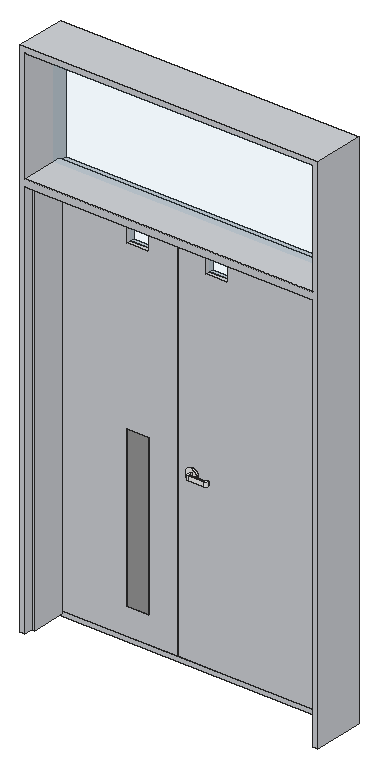
Revit family "Dor_親子開き戸（幕板付）", category ドア, Revit 2020
Family settings
  ホスト = 壁
  常に垂直 = はい
  ロード時にボイドで切り取り = はい
  共有 = いいえ
  部屋計算ポイント = いいえ
Parameters (values of type "親子開き戸（幕板付）")
  開口逃げ位置表示 [instance] = no
  金物_施錠方式(外) = ""
  金物_施錠方式(内) = ""
  金物_支持金物 = ""
  金物_操作金物 = ""
  金物_戸当り = ""
  金物_固定金物 = ""
  金物_フランス落し = ""
  金物_クローザー = ""
  逃げ_左 = 60 mm
  逃げ_右 = 60 mm
  解析用性能 = "<なし>"
  符号_建具記号 = ""
  符号_建具番号 = ""
  無目見付 = 40 mm
  法_随時閉鎖 = yes
  法_防火性能 = ""
  法_遮煙 = yes
  法_常時閉鎖 = yes
  沓摺表示 [instance] = yes
  文字_ガラス厚 = ""
  幕板高さ = 600 mm
  幕板_パネル = no
  幕板_ガラス = not(幕板_パネル)  # yes
  建枠下延長 [instance] = 10 mm
  沓摺見込_Kc_Kd [instance] = 150 mm
  ラベル_遮煙 = if(法_遮煙, "S", " ")  # "S"
  ラベル_法囲み = if(法_常時閉鎖, "□", if(法_随時閉鎖, "〇", " "))  # "□"
  ドア高さ = 2100 mm
  ドアパネルタイプ2 = DP_小窓+スリットガラリ : 小窓+スリットガラリ
  ドアパネルタイプ1 = DP_小窓 : 小窓
  スリット/小窓位置：戸先 [instance] = yes
  ガラス厚 = 6 mm
  オフセット_外側 [instance] = 50 mm
  hideFill_offset [instance] = オフセット_内側 + 2 mm + LOCK  # 52 mm
  calc_逃げ位置 [instance] = if(bWallThicknessOffset, calc_壁芯ずれ, 0 mm)  # 0 mm
  calc_無目D [instance] = if(幕板_ガラス, パネル厚, 0 mm)  # 45 mm
  calc_沓摺幅 = 幅 + 戸当見付 * 2  # 1530 mm
  沓摺タイプ = Kb_沓摺 : Kb_沓摺
  次による断熱プロパティの定義 = スキーマティック タイプ
  枠見付内_F01 = 30 mm
  calc_枠見込内 [instance] = if(and(枠ちり内 = 0 mm, オフセット_内側 = 0 mm), 1 mm, 0 mm)  # 0 mm
  calc_枠見付内 = if(枠タイプ = 1, 枠見付内_F01, if(枠タイプ = 2, 枠見付 + 戸当見付, if(枠タイプ = 3, 枠見付 + 戸当見付, 枠見付)))  # 40 mm
  文字_額縁材質 = ""
  文字_額縁仕上 = ""
  文字_沓摺材質 = ""
  文字_沓摺仕上 = ""
  文字_枠材質 = ""
  文字_枠仕上 = ""
  文字_建具材質 = ""
  文字_建具仕上 = ""
  文字_取付場所 = ""
  文字_備考 = ""
  文字_パネル厚 = ""
  文字_ガラリ材質 = ""
  文字_ガラリ仕上 = ""
  文字_ガラス材質 = ""
  文字_アンダーカット = ""
  性能_遮音 = ""
  性能_気密 = ""
  形状_沓摺形状 = ""
  形状_枠形状 = ""
  形状_建具形式 = ""
  形状_ガラリ形状 = ""
  仕上げ厚 = 0 mm
  calc_幕板パネル高さ = 幕板高さ + 戸当見付  # 615 mm
  calc_壁芯ずれ [instance] = オフセット_内側 / 2 + オフセット_外側 / 2  # 50 mm
  calc_仕上げ厚 [instance] = if(and(オフセット_内側 = 0 mm, 仕上げ厚 = 0 mm), 11 mm, 仕上げ厚)  # 0 mm
  マテリアル_沓摺 = none
  マテリアル_枠 = none
  マテリアル_パネル = none
  マテリアル_ガラリ = none
  マテリアル_ガラス = ガラス - 透明
  パネル幅2 = (幅 + 戸当見付 * 2) - パネル幅  # 630 mm
  パネル幅1 = 900 mm
  calc_ボイド高さ = if(枠タイプ = 2, H寸法 + 枠見付 + 戸当見付, H寸法 + 枠見付)  # 2780 mm
  calc_パネル中心位置 = パネル厚 / 2 + LOCK  # 22.5 mm
  calc_パネル2_中心 = パネル幅2 / 2 + LOCK  # 315 mm
  calc_パネル1_中心 = パネル幅1 / 2 + LOCK  # 450 mm
  ハンドル表示 [instance] = yes
  Keynote = ""
  オフセット_内側 [instance] = 50 mm
  bWallThicknessOffset = no
  bGlass&F02 = and(枠タイプ = 2, 幕板_ガラス)  # no
  bF01&F03 = not(枠タイプ = 2)  # yes
  W寸法 = 1500 mm
  LOCK = 0 mm  # constant formula
  H寸法 = ドア高さ + 無目見付 + 幕板高さ + 戸当見付  # 2755 mm
  F02_片ひばた2 = 枠タイプ = 2  # no
  Function = (empty or 0)
  Description = ""
  枠タイプ = 3
  Rough Width = 0 mm
  高さ = H寸法 + LOCK  # 2755 mm
  枠見付 = 25 mm
  枠ちり外 = 10 mm
  枠ちり内 = 10 mm
  ハンドル_高さ = 900 mm
  ハンドル_オフセット = 80 mm
  戸当見付 = 15 mm
  Construction Type = ""
  Wall Closure = (empty or 0)
  幅 = W寸法 + LOCK  # 1500 mm
  全高 = 2655 mm
  パネル高 = ドア高さ + 戸当見付 - アンダーカット  # 2110 mm
  パネル幅 = パネル幅1 + LOCK  # 900 mm
  パネル厚 = 45 mm
  アンダーカット = 5 mm
  F01_片ひばた1 = 枠タイプ = 1  # no
  F03_両ひばた = 枠タイプ = 3  # yes
Reference planes
  plane 1: y = 0
  plane 2 "中心(左/右)": x = 0
  plane 3 "EXT.": y = 75
  plane 4 "内壁": y = -75
  plane 5 "左": x = -750
  plane 6 "右": x = 750
  plane 7 "上側": z = 2755
  plane 8: z = 0
  plane 9 "枠ちり外": y = 135
  plane 10 "左扉位置": x = -765
  plane 11 "枠外側左": x = -790
  plane 12 "枠内側左": x = -790
  plane 13 "仕上げ厚": y = -75
  plane 14 "右扉位置": x = 765
  plane 15 "枠外側右": x = 790
  plane 16 "枠内側右": x = 790
  plane 17 "枠見付上": z = 2780
  plane 18 "枠見付内_上": z = 2795
  plane 19: y = 90
  plane 20 "戸当見込": y = -90
  plane 21: x = -780
  plane 22: x = 780
  plane 23: z = 5
  plane 24: y = -125
  plane 25 "枠ちり内": y = -135
  plane 26 "パネル中心": y = 112.5
  plane 27: y = 65
  plane 28: y = -115
  plane 29: x = -795
  plane 30: x = 795
  plane 31: y = 65
  plane 32: y = -115
  plane 33 "枠見込内": y = -75
  plane 34: y = -130
  plane 35: x = -135
  plane 36 "パネル1中心": x = 315
  plane 37 "パネル2中心": x = -450
  plane 38: y = 112.5
  plane 39 "壁芯": y = -50
  plane 40: z = 900
  plane 41: x = -55
  plane 42 "上枠戸当り": z = 2100
  plane 43 "無目下端": z = 2115
  plane 44 "無目上端": z = 2155
  plane 45 "建枠下延長": z = -10
  plane 46 "オフセット外側": y = 125
  plane 47 "ガラス位置": z = 2140
  plane 48 "無目D": y = 90
  plane 49: y = 60
  plane 50 "逃げ位置": y = 0
Forms (mm)
  Extrusion 1, void
    sketch origin (0, 0, 0) x (1, 0, 0) y (0, 1, 0)
      loop
        line (-790, -125) -> (790, -125) -> (790, -75) -> (-790, -75) -> (-790, -125)
    from 0 to 2780 <- "calc_ボイド高さ"
  Extrusion 2, void
    sketch origin (0, 0, 0) x (1, 0, 0) y (0, 1, 0)
      loop
        line (-790, 125) -> (-790, -75) -> (790, -75) -> (790, 125) -> (-790, 125)
    from 0 to 2780
  Sweep 3, solid, material <- "マテリアル_枠", visible <- "F01_片ひばた1"
    path origin (0, 75, 0) x (1, 0, 0) y (0, 0, 1)
      loop
        line (750, -10) -> (750, 2100) -> (-750, 2100) -> (-750, -10)
    profile origin (750, 75, 1045) x (-1, 0, 0) y (0, -1, 0)
      loop
        line (-40, -60) -> (-15, -60) -> (-15, -15) -> (0, -15) -> (0, 210) -> (-30, 210) -> (-30, 150) -> (-40, 150) -> (-40, -60)
  Sweep 4, solid, material <- "マテリアル_枠", visible <- "F02_片ひばた2"
    path origin (0, 75, 0) x (1, 0, 0) y (0, 0, 1)
      loop
        line (750, -10) -> (750, 2100) -> (-750, 2100) -> (-750, -10)
    profile origin (750, 75, 1045) x (-1, 0, 0) y (0, -1, 0)
      loop
        line (-40, -60) -> (-15, -60) -> (-15, -15) -> (0, -15) -> (0, 210) -> (-40, 210) -> (-40, -60)
  Sweep 5, solid, material <- "マテリアル_枠", visible <- "F03_両ひばた"
    path origin (0, 75, 0) x (1, 0, 0) y (0, 0, 1)
      loop
        line (750, -10) -> (750, 2100) -> (-750, 2100) -> (-750, -10)
    profile origin (750, 75, 1045) x (-1, 0, 0) y (0, -1, 0)
      loop
        line (-40, -60) -> (-15, -60) -> (-15, -15) -> (0, -15) -> (0, 165) -> (-15, 165) -> (-15, 210) -> (-40, 210) -> (-40, -60)
  Extrusion 6, solid, material <- "マテリアル_枠", visible <- "F03_両ひばた"
    sketch origin (0, 0, 0) x (0, 1, 0) y (0, 0, 1)
      loop
        line (90, 2140) -> (90, 2155) -> (-135, 2155) -> (-135, 2140) -> (90, 2140)
    from -765 to 765
  Extrusion 7, solid, material "ガラス - 透明" <- "マテリアル_ガラス", visible <- "幕板_ガラス"
    sketch origin (0, 0, 0) x (1, 0, 0) y (0, 1, 0)
      loop
        line (-765, 50) -> (765, 50) -> (765, 60) -> (-765, 60) -> (-765, 50)
    from 2140 to 2755
  Extrusion 8, solid, material <- "マテリアル_枠", visible <- "F03_両ひばた"
    sketch origin (0, 95, -20) x (-1, 0, 0) y (0, 0, 1)
      loop
        line (-790, 2160) -> (-765, 2160) -> (-765, 2775) -> (765, 2775) -> (765, 2160) -> (790, 2160) -> (790, 2800) -> (-790, 2800) -> (-790, 2160)
    from 40 to -230
  Extrusion 9, solid, material <- "マテリアル_パネル", visible <- "幕板_パネル"
    sketch origin (0, 0, 0) x (0, 1, 0) y (0, 0, 1)
      loop
        line (132, 2755) -> (-132, 2755) -> (-132, 2155) -> (132, 2155) -> (132, 2755)
    from -765 to 765
  Extrusion 10, solid, material <- "マテリアル_枠", visible <- "F02_片ひばた2"
    sketch origin (0, 0, 0) x (0, 1, 0) y (0, 0, 1)
      loop
        line (90, 2140) -> (90, 2155) -> (-135, 2155) -> (-135, 2140) -> (90, 2140)
    from -765 to 765
  Extrusion 11, solid, material <- "マテリアル_枠", visible <- "F02_片ひばた2"
    sketch origin (0, 95, -20) x (-1, 0, 0) y (0, 0, 1)
      loop
        line (-790, 2160) -> (-765, 2160) -> (-765, 2775) -> (765, 2775) -> (765, 2160) -> (790, 2160) -> (790, 2800) -> (-790, 2800) -> (-790, 2160)
    from 40 to -230
  Extrusion 12, solid, material <- "マテリアル_枠", visible <- "F01_片ひばた1"
    sketch origin (0, 0, 0) x (0, 1, 0) y (0, 0, 1)
      loop
        line (90, 2140) -> (90, 2155) -> (-135, 2155) -> (-135, 2130) -> (-75, 2130) -> (-75, 2140) -> (90, 2140)
    from -765 to 765
  Extrusion 13, solid, material <- "マテリアル_枠", visible <- "F01_片ひばた1"
    sketch origin (0, 95, -20) x (-1, 0, 0) y (0, 0, 1)
      loop
        line (-790, 2160) -> (-765, 2160) -> (-765, 2775) -> (765, 2775) -> (765, 2160) -> (790, 2160) -> (790, 2800) -> (-790, 2800) -> (-790, 2160)
    from 40 to -170
  Extrusion 14, solid, material <- "マテリアル_枠", visible <- "F02_片ひばた2"
    sketch origin (0, -85, 0) x (-1, 0, 0) y (0, 0, 1)
      loop
        line (765, 2755) -> (750, 2755) -> (750, 2155) -> (765, 2155) -> (765, 2755)
      loop
        line (-750, 2755) -> (-765, 2755) -> (-765, 2155) -> (-750, 2155) -> (-750, 2755)
    from -50 to 175
  Extrusion 15, solid, material <- "マテリアル_枠", visible <- "F02_片ひばた2"
    sketch origin (0, -85, 0) x (-1, 0, 0) y (0, 0, 1)
      loop
        line (790, 2795) -> (-790, 2795) -> (-790, 2780) -> (790, 2780) -> (790, 2795)
    from 10 to -50
  Extrusion 16, solid, material <- "マテリアル_枠", visible <- "F01_片ひばた1"
    sketch origin (0, -85, 0) x (-1, 0, 0) y (0, 0, 1)
      loop
        line (790, 2130) -> (790, 2780) -> (-790, 2780) -> (-790, 2130) -> (-765, 2130) -> (-765, 2755) -> (765, 2755) -> (765, 2130) -> (790, 2130)
    from -50 to 10
Cuts and joins
  joined: Sweep 3, Extrusion 12, Extrusion 13, Extrusion 16
  joined: Sweep 4, Extrusion 10, Extrusion 11, Extrusion 14, Extrusion 15
  joined: Sweep 5, Extrusion 6, Extrusion 8
Lines and regions (mm)
  Masking region 1
    outline origin (0, 0, 0) x (0, 1, 0) y (0, 0, 1)
      loop
        line (135, 2115) -> (90, 2115) -> (90, 5) -> (135, 5) -> (135, 2115)
  Masking region 2, visible <- "F01_片ひばた1", detail levels medium+fine
    outline origin (0, 0, 0) x (1, 0, 0) y (0, 1, 0)
      loop
        line (-790, -75) -> (-780, -75) -> (-780, -135) -> (-750, -135) -> (-750, 90) -> (-765, 90) -> (-765, 135) -> (-790, 135) -> (-790, -75)
      loop
        line (790, -75) -> (790, 135) -> (765, 135) -> (765, 90) -> (750, 90) -> (750, -135) -> (780, -135) -> (780, -75) -> (790, -75)
  Masking region 3, visible <- "F02_片ひばた2", detail levels medium+fine
    outline origin (0, 0, 0) x (1, 0, 0) y (0, 1, 0)
      loop
        line (-790, -135) -> (-750, -135) -> (-750, 90) -> (-765, 90) -> (-765, 135) -> (-790, 135) -> (-790, -135)
      loop
        line (790, -135) -> (790, 135) -> (765, 135) -> (765, 90) -> (750, 90) -> (750, -135) -> (790, -135)
  Masking region 4, detail levels coarse
    outline origin (0, 0, 0) x (1, 0, 0) y (0, 1, 0)
      loop
        line (-750, -130) -> (750, -130) -> (750, -125) -> (750, 125) -> (750, 130) -> (-750, 130) -> (-750, 125) -> (-750, -125) -> (-750, -130)
  Masking region 5, detail levels coarse
    outline origin (0, 0, 0) x (1, 0, 0) y (0, 1, 0)
      loop
        line (-795, 125) -> (-795, -125) -> (-750, -125) -> (-750, 125) -> (-795, 125)
      loop
        line (795, 125) -> (750, 125) -> (750, -125) -> (795, -125) -> (795, 125)
  Masking region 6, visible <- "F03_両ひばた", detail levels medium+fine
    outline origin (0, 0, 0) x (1, 0, 0) y (0, 1, 0)
      loop
        line (-790, -135) -> (-765, -135) -> (-765, -90) -> (-750, -90) -> (-750, 90) -> (-765, 90) -> (-765, 135) -> (-790, 135) -> (-790, -135)
      loop
        line (790, -135) -> (790, 135) -> (765, 135) -> (765, 90) -> (750, 90) -> (750, -90) -> (765, -90) -> (765, -135) -> (790, -135)
  Masking region 7, visible <- "F02_片ひばた2"
    outline origin (0, 0, 0) x (0, 1, 0) y (0, 0, 1)
      loop
        line (105, 2780) -> (105, 2782) -> (-53, 2782) -> (-53, 2797) -> (-105, 2797) -> (-105, 2795) -> (-135, 2795) -> (-135, 2755) -> (135, 2755) -> (135, 2780) -> (105, 2780)
  Masking region 8, visible <- "bF01&F03"
    outline origin (0, 0, 0) x (0, 1, 0) y (0, 0, 1)
      loop
        line (105, 2780) -> (105, 2782) -> (-105, 2782) -> (-105, 2780) -> (-135, 2780) -> (-135, 2755) -> (135, 2755) -> (135, 2780) -> (105, 2780)
  Masking region 9, visible <- "幕板_パネル"
    outline origin (0, 0, 0) x (0, 1, 0) y (0, 0, 1)
      loop
        line (132, 2755) -> (-132, 2755) -> (-132, 2155) -> (132, 2155) -> (132, 2755)
  Masking region 10, visible <- "bGlass&F02"
    outline origin (0, 0, 0) x (0, 1, 0) y (0, 0, 1)
      loop
        line (88, 2155) -> (90, 2155) -> (92, 2155) -> (92, 2755) -> (88, 2755) -> (88, 2155)
  symbolic lines
    curve 1: line (0, 185, 0) -> (0, -185, 0)
  symbolic lines, style "DoorsGlassProjection", visible <- "幕板_ガラス"
    curve 2: line (0, 97.5, 2140) -> (0, 97.5, 2755)
Text (mm)
  text "EXT." at (-2295.016, 1099.543, 0), in view "基準レベル"
  text "外部" at (0, 1615.38, 3698.081), in view "左"
  text "外部" at (0, 1036.032, 3874.932), in view "右"
  text "内部" at (0, -1175.082, 3874.932), in view "右"
  text "内部" at (-2295.016, -1087.353, 0), in view "基準レベル"
Dimensions and locks
  equal spacing: plane 5 "左", plane 2 "中心(左/右)", plane 6 "右"
  locked: plane 3 "EXT." to host wall
  locked: plane 4 "内壁" to host wall
  "W寸法": plane 5 "左" to plane 6 "右"
  "H寸法": plane 8 to plane 7 "上側"
  "戸当見付": plane 10 "左扉位置" to plane 5 "左"
  "calc_枠見付内": plane 12 "枠内側左" to plane 5 "左"
  "枠見付": plane 11 "枠外側左" to plane 10 "左扉位置"
  "calc_仕上げ厚": plane 13 "仕上げ厚" to plane 4 "内壁"
  "枠見付": plane 15 "枠外側右" to plane 14 "右扉位置"
  "パネル厚": plane 9 "枠ちり外" to plane 19
  "戸当見付": plane 6 "右" to plane 14 "右扉位置"
  "calc_枠見付内": plane 6 "右" to plane 16 "枠内側右"
  "枠見付内_F01": plane 21 to plane 5 "左"
  "枠見付内_F01": plane 6 "右" to plane 22
  "枠ちり内": plane 24 to plane 25 "枠ちり内"
  "オフセット_内側": plane 24 to plane 4 "内壁"
  "アンダーカット": plane 23 to plane 8
  equal spacing: plane 9 "枠ちり外", plane 26 "パネル中心", plane 19
  locked: plane 3 "EXT." to plane 27 at 10
  locked: plane 28 to plane 24 at 10
  locked: curve 1 to plane 9 "枠ちり外" at 50
  locked: plane 25 "枠ちり内" to curve 1 at 50
  plane 4 "内壁" to plane 3 "EXT." = 150 mm
  locked: plane 29 to plane 11 "枠外側左" at 5
  locked: plane 15 "枠外側右" to plane 30 at 5
  locked: plane 31 to plane 3 "EXT." at 10
  locked: plane 32 to plane 24 at 10
  locked: plane 24 to plane 34 at 5
  "パネル幅1": plane 35 to plane 14 "右扉位置"
  "calc_パネル1_中心": plane 36 "パネル1中心" to plane 14 "右扉位置"
  "calc_パネル2_中心": plane 10 "左扉位置" to plane 37 "パネル2中心"
  "calc_壁芯ずれ": plane 39 "壁芯" to plane 1
  "ハンドル_高さ": plane 40 to plane 8
  "ハンドル_オフセット": plane 41 to plane 35
  "戸当見付": plane 43 "無目下端" to plane 42 "上枠戸当り"
  "無目見付": plane 44 "無目上端" to plane 43 "無目下端"
  "建枠下延長": plane 8 to plane 45 "建枠下延長"
  "calc_枠見込内": plane 33 "枠見込内" to plane 4 "内壁"
  "calc_パネル中心位置": plane 9 "枠ちり外" to plane 38
  "オフセット_外側": plane 3 "EXT." to plane 46 "オフセット外側"
  "枠ちり外": plane 9 "枠ちり外" to plane 46 "オフセット外側"
  locked: Masking region 4 sketch curve to plane 46 "オフセット外側" at 5
  "枠見付": plane 7 "上側" to plane 17 "枠見付上"
  "calc_無目D": plane 9 "枠ちり外" to plane 48 "無目D"
  plane 7 "上側" to plane 44 "無目上端" = 600 mm
  plane 7 "上側" to plane 17 "枠見付上" = 25 mm
  locked: Masking region 8 sketch curve to plane 17 "枠見付上" at 2
  locked: Masking region 7 sketch curve to plane 25 "枠ちり内" at 30
  locked: plane 9 "枠ちり外" to Masking region 7 sketch curve at 30
  locked: Masking region 7 sketch curve to plane 17 "枠見付上" at 2
  plane 42 "上枠戸当り" to plane 8 = 2100 mm
  "枠見付": plane 47 "ガラス位置" to plane 43 "無目下端"
  plane 7 "上側" to plane 18 "枠見付内_上" = 40 mm
  "ドア高さ": plane 42 "上枠戸当り" to level
  locked: plane 9 "枠ちり外" to Masking region 9 sketch curve at 3
  host wall to plane 25 "枠ちり内" = 60 mm
  locked: Masking region 9 sketch curve to plane 25 "枠ちり内" at 3
  locked: plane 47 "ガラス位置" to Extrusion 16 sketch curve at 10  (x2)
  locked: plane 47 "ガラス位置" to Extrusion 12 sketch curve at 10
  locked: Extrusion 9 sketch curve to plane 25 "枠ちり内" at 3
  locked: plane 9 "枠ちり外" to Extrusion 9 sketch curve at 3
  locked: Masking region 8 sketch curve to plane 25 "枠ちり内" at 30
  locked: plane 9 "枠ちり外" to Masking region 8 sketch curve at 30
  locked: curve 2 to plane 48 "無目D" at 7.5
  locked: Masking region 7 sketch curve to plane 18 "枠見付内_上" at 2
  "hideFill_offset": Masking region 7 sketch curve to Masking region 7 sketch curve
  Extrusion 11 to Extrusion 14 = 615 mm
  Masking region 10 sketch curve to plane 48 "無目D" to Masking region 10 sketch curve = 2 mm locked, 2 mm locked
  "パネル厚": plane 20 "戸当見込" to plane 25 "枠ちり内"
  "calc_逃げ位置": plane 50 "逃げ位置" to host wall
  Extrusion 10 to Extrusion 11 = 640 mm
  aligned and locked: plane 1 to host wall
  aligned and locked: level to plane 8
  aligned and locked: Extrusion 1 sketch curve to plane 12 "枠内側左"
  aligned and locked: plane 13 "仕上げ厚" to Extrusion 1 sketch curve
  aligned and locked: Extrusion 1 sketch curve to plane 16 "枠内側右"
  aligned and locked: plane 11 "枠外側左" to Extrusion 2 sketch curve
  aligned and locked: plane 13 "仕上げ厚" to Extrusion 2 sketch curve
  aligned and locked: plane 15 "枠外側右" to Extrusion 2 sketch curve
  aligned and locked: plane 6 "右" to Sweep 3 sketch curve  (x2)
  aligned and locked: Sweep 3 sketch curve to plane 5 "左"
  aligned and locked: Sweep 3 sketch curve to plane 13 "仕上げ厚"
  aligned and locked: plane 9 "枠ちり外" to Sweep 3 sketch curve
  aligned and locked: plane 19 to Sweep 3 sketch curve
  aligned and locked: plane 14 "右扉位置" to Sweep 3 sketch curve
  aligned and locked: Sweep 3 sketch curve to plane 15 "枠外側右"
  aligned and locked: plane 15 "枠外側右" to Sweep 4 sketch curve
  aligned and locked: plane 14 "右扉位置" to Sweep 5 sketch curve  (x2)
  aligned and locked: Sweep 5 sketch curve to plane 20 "戸当見込"
  aligned and locked: plane 22 to Sweep 3 sketch curve
  aligned and locked: Sweep 3 sketch curve to plane 25 "枠ちり内"
  aligned and locked: Sweep 4 sketch curve to plane 25 "枠ちり内"
  aligned and locked: plane 19 to Sweep 4 sketch curve
  aligned and locked: Sweep 5 sketch curve to plane 25 "枠ちり内"
  aligned and locked: Extrusion 1 to plane 24
  aligned and locked: Sweep 4 to Masking region 1 sketch curve
  aligned and locked: plane 2 "中心(左/右)" to nested 1
  aligned and locked: nested 1 to plane 26 "パネル中心"
  aligned and locked: Masking region 2 sketch curve to plane 9 "枠ちり外"
  aligned and locked: Masking region 2 sketch curve to plane 19
  aligned and locked: plane 25 "枠ちり内" to Masking region 2 sketch curve
  aligned and locked: plane 11 "枠外側左" to Masking region 2 sketch curve
  aligned and locked: plane 5 "左" to Masking region 2 sketch curve
  aligned and locked: plane 6 "右" to Masking region 2 sketch curve
  aligned and locked: Masking region 2 sketch curve to plane 15 "枠外側右"
  aligned and locked: plane 14 "右扉位置" to Masking region 2 sketch curve
  aligned and locked: Masking region 2 sketch curve to plane 21
  aligned and locked: plane 21 to Masking region 2 sketch curve
  aligned and locked: plane 22 to Masking region 2 sketch curve  (x2)
  aligned and locked: plane 5 "左" to Masking region 4 sketch curve
  aligned and locked: Masking region 4 sketch curve to plane 6 "右"
  aligned and locked: Masking region 5 sketch curve to plane 29
  aligned and locked: Masking region 4 to Masking region 5 sketch curve
  aligned and locked: plane 6 "右" to Masking region 5 sketch curve
  aligned and locked: Masking region 5 sketch curve to plane 30
  aligned and locked: plane 24 to Masking region 5 sketch curve
  aligned and locked: Masking region 5 sketch curve to plane 24
  aligned and locked: plane 24 to Masking region 4 sketch curve  (x2)
  aligned and locked: Masking region 4 sketch curve to plane 34
  aligned and locked: plane 14 "右扉位置" to Masking region 6 sketch curve
  aligned and locked: plane 20 "戸当見込" to Masking region 6 sketch curve  (x2)
  aligned and locked: Masking region 6 sketch curve to plane 20 "戸当見込"  (x2)
  aligned and locked: nested 2 to plane 9 "枠ちり外"
  aligned and locked: nested 2 to plane 14 "右扉位置"
  aligned and locked: plane 19 to Sweep 5 sketch curve
  aligned and locked: plane 9 "枠ちり外" to Sweep 5 sketch curve
  aligned and locked: plane 9 "枠ちり外" to Sweep 4 sketch curve
  aligned and locked: plane 2 "中心(左/右)" to nested 3
  aligned and locked: plane 36 "パネル1中心" to nested 4
  aligned and locked: nested 4 to plane 8
  aligned and locked: nested 4 to plane 26 "パネル中心"
  aligned and locked: nested 5 to plane 26 "パネル中心"
  aligned and locked: plane 40 to nested 5
  aligned and locked: nested 5 to plane 41
  aligned and locked: plane 36 "パネル1中心" to nested 6
  aligned and locked: nested 6 to plane 8
  aligned and locked: plane 37 "パネル2中心" to nested 7
  aligned and locked: plane 37 "パネル2中心" to nested 8
  aligned and locked: nested 7 to plane 26 "パネル中心"
  aligned and locked: Masking region 1 to plane 43 "無目下端"
  aligned and locked: plane 45 "建枠下延長" to Sweep 4 sketch curve  (x2)
  aligned and locked: plane 45 "建枠下延長" to Sweep 5 sketch curve  (x2)
  aligned and locked: plane 45 "建枠下延長" to Sweep 3 sketch curve  (x2)
  aligned and locked: Masking region 2 sketch curve to plane 4 "内壁"
  aligned and locked: plane 4 "内壁" to Masking region 2 sketch curve
  aligned and locked: plane 11 "枠外側左" to Masking region 6 sketch curve
  aligned and locked: Masking region 6 sketch curve to plane 15 "枠外側右"
  aligned and locked: Masking region 3 sketch curve to plane 15 "枠外側右"
  aligned and locked: plane 11 "枠外側左" to Masking region 3 sketch curve
  aligned and locked: Masking region 5 sketch curve to plane 46 "オフセット外側"
  aligned and locked: plane 46 "オフセット外側" to Masking region 5 sketch curve
  aligned and locked: plane 46 "オフセット外側" to Masking region 4 sketch curve  (x2)
  aligned and locked: Sweep 5 sketch curve to plane 42 "上枠戸当り"
  aligned and locked: Sweep 4 sketch curve to plane 42 "上枠戸当り"
  aligned and locked: Sweep 3 sketch curve to plane 42 "上枠戸当り"
  aligned and locked: Extrusion 7 sketch curve to plane 49
  aligned and locked: Masking region 7 sketch curve to Masking region 7 sketch curve
  aligned and locked: Masking region 8 sketch curve to Masking region 8 sketch curve
  aligned and locked: plane 48 "無目D" to Extrusion 12 sketch curve
  aligned and locked: Extrusion 12 sketch curve to plane 25 "枠ちり内"
  aligned and locked: Extrusion 12 sketch curve to plane 44 "無目上端"
  aligned and locked: Extrusion 12 sketch curve to plane 47 "ガラス位置"
  aligned and locked: Masking region 8 sketch curve to plane 25 "枠ちり内"
  aligned and locked: plane 9 "枠ちり外" to Masking region 8 sketch curve
  aligned and locked: plane 7 "上側" to Masking region 8 sketch curve
  aligned and locked: plane 17 "枠見付上" to Masking region 8 sketch curve
  aligned and locked: Extrusion 13 sketch curve to plane 7 "上側"
  aligned and locked: Extrusion 9 to plane 14 "右扉位置"
  aligned and locked: Extrusion 12 to plane 14 "右扉位置"
  aligned and locked: Extrusion 12 to plane 10 "左扉位置"
  aligned and locked: plane 7 "上側" to cut or joined group of Sweep 3, Extrusion 12, Extrusion 13, Extrusion 16
  aligned and locked: Extrusion 13 sketch curve to plane 17 "枠見付上"
  aligned and locked: plane 17 "枠見付上" to Extrusion 11
  aligned and locked: Extrusion 11 sketch curve to plane 7 "上側"
  aligned and locked: Extrusion 8 sketch curve to plane 17 "枠見付上"
  aligned and locked: Extrusion 8 sketch curve to plane 7 "上側"
  aligned and locked: plane 17 "枠見付上" to Masking region 7 sketch curve
  aligned and locked: plane 9 "枠ちり外" to Masking region 7 sketch curve
  aligned and locked: Masking region 7 sketch curve to plane 25 "枠ちり内"
  aligned and locked: Extrusion 15 to plane 25 "枠ちり内"
  aligned and locked: plane 13 "仕上げ厚" to Extrusion 15
  aligned and locked: Extrusion 6 to plane 10 "左扉位置"
  aligned and locked: Extrusion 6 to plane 14 "右扉位置"
  aligned and locked: plane 17 "枠見付上" to Extrusion 2
  aligned and locked: Extrusion 10 to plane 10 "左扉位置"
  aligned and locked: Extrusion 10 to plane 14 "右扉位置"
  aligned and locked: plane 18 "枠見付内_上" to Masking region 7 sketch curve
  aligned and locked: Extrusion 16 sketch curve to plane 17 "枠見付上"
  aligned and locked: Extrusion 7 to plane 47 "ガラス位置"
  aligned and locked: Extrusion 7 to plane 7 "上側"
  aligned and locked: Extrusion 15 to plane 17 "枠見付上"
  aligned and locked: plane 18 "枠見付内_上" to Extrusion 15
  aligned and locked: plane 44 "無目上端" to Masking region 9 sketch curve
  aligned and locked: plane 7 "上側" to Masking region 9 sketch curve
  aligned and locked: Extrusion 12 sketch curve to plane 13 "仕上げ厚"
  aligned and locked: Extrusion 2 sketch curve to plane 46 "オフセット外側"
  aligned and locked: cut or joined group of Sweep 3, Extrusion 12, Extrusion 13, Extrusion 16 to plane 25 "枠ちり内"
  aligned and locked: plane 7 "上側" to curve 2
  aligned and locked: plane 47 "ガラス位置" to curve 2
  aligned and locked: cut or joined group of Sweep 4, Extrusion 10, Extrusion 11, Extrusion 14, Extrusion 15 to plane 25 "枠ちり内"  (x2)
  aligned and locked: Extrusion 10 sketch curve to plane 25 "枠ちり内"
  aligned and locked: plane 48 "無目D" to Extrusion 10 sketch curve
  aligned and locked: Extrusion 10 sketch curve to plane 44 "無目上端"
  aligned and locked: Extrusion 10 sketch curve to plane 47 "ガラス位置"
  aligned and locked: cut or joined group of Sweep 4, Extrusion 10, Extrusion 11, Extrusion 14, Extrusion 15 to plane 48 "無目D"
  aligned and locked: plane 48 "無目D" to Masking region 10 sketch curve
  aligned and locked: cut or joined group of Sweep 5, Extrusion 6, Extrusion 8 to plane 25 "枠ちり内"
  aligned and locked: plane 9 "枠ちり外" to cut or joined group of Sweep 5, Extrusion 6, Extrusion 8
  aligned and locked: Extrusion 6 sketch curve to plane 25 "枠ちり内"
  aligned and locked: plane 48 "無目D" to Extrusion 6 sketch curve
  aligned and locked: nested 3 to plane 50 "逃げ位置"
  aligned and locked: plane 9 "枠ちり外" to cut or joined group of Sweep 3, Extrusion 12, Extrusion 13, Extrusion 16  (x2)
  aligned and locked: plane 9 "枠ちり外" to cut or joined group of Sweep 4, Extrusion 10, Extrusion 11, Extrusion 14, Extrusion 15
  aligned and locked: cut or joined group of Sweep 3, Extrusion 12, Extrusion 13, Extrusion 16 to plane 13 "仕上げ厚"
  aligned and locked: plane 13 "仕上げ厚" to cut or joined group of Sweep 3, Extrusion 12, Extrusion 13, Extrusion 16
Automatic sketch dimensions
  curve 1 to plane 2 "中心(左/右)" = 0 mm
  Masking region 2 sketch curve to plane 10 "左扉位置" = 0 mm
  Masking region 2 sketch curve to plane 25 "枠ちり内" = 0 mm
  Masking region 2 sketch curve to plane 19 = 0 mm
  Masking region 2 sketch curve to plane 9 "枠ちり外" = 0 mm
  host wall to Extrusion 1 sketch curve = 50 mm
  plane 5 "左" to Sweep 4 sketch curve = 0 mm
  plane 6 "右" to Sweep 4 sketch curve = 0 mm
  Sweep 4 sketch curve to profile plane = 0 mm
  profile plane to Sweep 4 sketch curve = 15 mm
  plane 5 "左" to Sweep 5 sketch curve = 0 mm
  plane 6 "右" to Sweep 5 sketch curve = 0 mm
  Sweep 5 sketch curve to profile plane = 0 mm
  profile plane to Sweep 5 sketch curve = 15 mm
  Sweep 5 sketch curve to Sweep 5 sketch curve = 25 mm
  Masking region 1 sketch curve to plane 19 = 0 mm
  Masking region 1 sketch curve to plane 23 = 0 mm
  Masking region 1 sketch curve to plane 43 "無目下端" = 0 mm
  Masking region 3 sketch curve to plane 10 "左扉位置" = 0 mm
  Masking region 3 sketch curve to plane 5 "左" = 0 mm
  Masking region 3 sketch curve to plane 6 "右" = 0 mm
  Masking region 3 sketch curve to plane 14 "右扉位置" = 0 mm
  Masking region 3 sketch curve to plane 25 "枠ちり内" = 0 mm  (x2)
  Masking region 3 sketch curve to plane 19 = 0 mm  (x2)
  Masking region 3 sketch curve to plane 9 "枠ちり外" = 0 mm  (x2)
  Masking region 6 sketch curve to plane 10 "左扉位置" = 0 mm  (x2)
  Masking region 6 sketch curve to plane 5 "左" = 0 mm
  Masking region 6 sketch curve to plane 6 "右" = 0 mm
  Masking region 6 sketch curve to plane 9 "枠ちり外" = 0 mm  (x2)
  Masking region 6 sketch curve to plane 14 "右扉位置" = 0 mm
  Masking region 6 sketch curve to plane 25 "枠ちり内" = 0 mm  (x2)
  Masking region 6 sketch curve to plane 19 = 0 mm  (x2)
  Extrusion 7 sketch curve to plane 10 "左扉位置" = 0 mm
  Extrusion 7 sketch curve to plane 14 "右扉位置" = 0 mm
  plane 15 "枠外側右" to Extrusion 8 sketch curve = 0 mm
  plane 14 "右扉位置" to Extrusion 8 sketch curve = 0 mm
  plane 10 "左扉位置" to Extrusion 8 sketch curve = 0 mm
  Extrusion 8 sketch curve to plane 11 "枠外側左" = 0 mm
  Extrusion 9 sketch curve to plane 17 "枠見付上" = 25 mm
  Masking region 8 sketch curve to Masking region 8 sketch curve = 2 mm
  plane 15 "枠外側右" to Extrusion 11 sketch curve = 0 mm
  plane 14 "右扉位置" to Extrusion 11 sketch curve = 0 mm
  plane 10 "左扉位置" to Extrusion 11 sketch curve = 0 mm
  Extrusion 11 sketch curve to plane 11 "枠外側左" = 0 mm
  Extrusion 11 sketch curve to plane 17 "枠見付上" = 0 mm
  plane 15 "枠外側右" to Extrusion 13 sketch curve = 0 mm
  plane 14 "右扉位置" to Extrusion 13 sketch curve = 0 mm
  plane 10 "左扉位置" to Extrusion 13 sketch curve = 0 mm
  Extrusion 13 sketch curve to plane 11 "枠外側左" = 0 mm
  plane 14 "右扉位置" to Extrusion 14 sketch curve = 0 mm
  plane 6 "右" to Extrusion 14 sketch curve = 0 mm
  plane 5 "左" to Extrusion 14 sketch curve = 0 mm
  Extrusion 14 sketch curve to plane 10 "左扉位置" = 0 mm
  Extrusion 14 sketch curve to plane 17 "枠見付上" = 25 mm  (x2)
  plane 15 "枠外側右" to Extrusion 15 sketch curve = 0 mm
  plane 11 "枠外側左" to Extrusion 15 sketch curve = 0 mm
  Extrusion 15 sketch curve to Extrusion 15 sketch curve = 15 mm
  Extrusion 7 sketch curve to plane 49 = 10 mm
  plane 47 "ガラス位置" to Extrusion 6 sketch curve = 0 mm
  plane 44 "無目上端" to Extrusion 6 sketch curve = 0 mm
  Extrusion 8 sketch curve to plane 47 "ガラス位置" = 0 mm  (x2)
  plane 44 "無目上端" to Extrusion 9 sketch curve = 0 mm
  Extrusion 11 sketch curve to plane 47 "ガラス位置" = 0 mm  (x2)
  Extrusion 13 sketch curve to plane 47 "ガラス位置" = 0 mm  (x2)
  Extrusion 14 sketch curve to plane 44 "無目上端" = 0 mm  (x2)
  Extrusion 15 sketch curve to plane 18 "枠見付内_上" = 15 mm
  plane 16 "枠内側右" to Extrusion 16 sketch curve = 0 mm
  plane 14 "右扉位置" to Extrusion 16 sketch curve = 0 mm
  Extrusion 16 sketch curve to plane 7 "上側" = 0 mm
  plane 10 "左扉位置" to Extrusion 16 sketch curve = 0 mm
  Extrusion 16 sketch curve to plane 12 "枠内側左" = 0 mm
  Masking region 10 sketch curve to plane 44 "無目上端" = 0 mm
  plane 7 "上側" to Masking region 10 sketch curve = 0 mm
  plane 7 "上側" to Masking region 7 sketch curve = 0 mm
Nested families
  nested 1: "Kb_沓摺" at (0, 112.5, 0), 沓摺材質 <- "マテリアル_沓摺", アンダーカット <- "アンダーカット", パネル厚 <- "パネル厚", パネル幅 <- "calc_沓摺幅", type <- "沓摺タイプ", visible <- "沓摺表示", 沓摺見込 <- "沓摺見込_Kc_Kd", type "Kb_沓摺"
    with 沓摺見込 150 mm, 沓摺材質 none, パネル幅 1530 mm, パネル厚 45 mm, アンダーカット 5 mm
  nested 2: "平面_親子開き戸" at (0, 135, 0), type "平面_親子開き戸"
    with 開口幅 1500 mm, 枠ちり外 10 mm, パネル幅2_簡易 615 mm, パネル幅2 630 mm
  nested 3: "平面_逃げ位置" at (0, 0, 0), visible <- "開口逃げ位置表示", 幅 <- "幅", 逃げ_右 <- "逃げ_右", 逃げ_左 <- "逃げ_左", type "平面_逃げ位置"
    with 逃げ_左 60 mm, 逃げ_右 60 mm, 幅 1500 mm
  nested 4: "DP_小窓" at (315, 112.5, 0) x (-1, 0, 0) z (0, 0, 1), マテリアル_パネル <- "マテリアル_パネル", 幅 <- "パネル幅1", 高さ <- "パネル高", Thickness <- "パネル厚", アンダーカット <- "アンダーカット", type <- "ドアパネルタイプ1", マテリアル_ガラス <- "マテリアル_ガラス", スリット/小窓位置：戸先 <- "スリット/小窓位置：戸先", マテリアル_ガラリ <- "マテリアル_ガラリ", ガラス厚 <- "ガラス厚", type "小窓"
    with 高さ 2110 mm, 幅 900 mm, built-in parameter 1001302 45 mm, マテリアル_パネル none, マテリアル_ガラリ none, マテリアル_ガラス ガラス - 透明, スリット/小窓位置：戸先 yes, スリット/小窓位置：中央 no, ガラス厚 6 mm, アンダーカット 5 mm, calc_窓腰高 1875 mm, calc_窓位置_戸尻 630 mm, calc_窓位置_戸先 150 mm
  nested 5: "Ha_ハンドル" at (-55, 112.5, 900), visible <- "ハンドル表示", type "Ha_ハンドル"
    with パネル厚 45 mm
  nested 6: "立面_スイング_開き戸" at (315, -75, 0) x (1, 0, 0) z (0, -1, 0), パネル幅 <- "パネル幅1", パネル高 <- "パネル高", アンダーカット <- "アンダーカット", type "立面_スイング_開き戸"
    with パネル高 2110 mm, パネル幅 900 mm, アンダーカット 5 mm
  nested 7: "DP_小窓+スリットガラリ" at (-450, 112.5, 0), マテリアル_パネル <- "マテリアル_パネル", 幅 <- "パネル幅2", 高さ <- "パネル高", Thickness <- "パネル厚", アンダーカット <- "アンダーカット", type <- "ドアパネルタイプ2", マテリアル_ガラス <- "マテリアル_ガラス", マテリアル_ガラリ <- "マテリアル_ガラリ", スリット/小窓位置：戸先 <- "スリット/小窓位置：戸先", ガラス厚 <- "ガラス厚", type "小窓+スリットガラリ"
    with 高さ 2110 mm, 幅 630 mm, built-in parameter 1001302 45 mm, マテリアル_パネル none, マテリアル_ガラリ none, マテリアル_ガラス ガラス - 透明, スリット/小窓位置：戸先 yes, スリット/小窓位置：中央 no, ガラス厚 6 mm, アンダーカット 5 mm, calc_窓腰高 1875 mm, calc_窓位置_戸尻 360 mm, calc_窓位置_戸先 150 mm
  nested 8: "立面_スイング_開き戸" at (-450, -75, 0) x (-1, 0, 0) z (0, -1, 0), パネル幅 <- "パネル幅2", パネル高 <- "パネル高", アンダーカット <- "アンダーカット", type "立面_スイング_開き戸"
    with パネル高 2110 mm, パネル幅 630 mm, アンダーカット 5 mm
Definition of nested family "Kb_沓摺"
  Parameters (values of type "Kb_沓摺")
    沓摺材質 [instance] = none
    Default Elevation = 0 mm
    沓摺見込 [instance] = 150 mm
    パネル幅 [instance] = 830 mm
    パネル厚 [instance] = 45 mm
    アンダーカット [instance] = 5 mm
  Reference planes
    plane 1 "中心(正面/背面)": y = 0
    plane 2: z = 0
    plane 3 "中心(左/右)": x = 0
    plane 4 "パネル内側": y = -22.5
    plane 5: x = -415
    plane 6: x = 415
    plane 7: z = 5
    plane 8: z = 3
    plane 9 "パネル外側": y = 22.5
    plane 10: z = -20
  Forms (mm)
    Extrusion 1, solid, material <- "沓摺材質"
      sketch origin (0, 0, 0) x (0, 1, 0) y (0, 0, 1)
        loop
          line (22.5, -20) -> (22.5, 3) -> (-22.5, 3) -> (-22.5, -20) -> (22.5, -20)
      from -415 to 415
  Lines and regions (mm)
    Masking region 1
      outline origin (0, 0, 0) x (0, 1, 0) y (0, 0, 1)
        loop
          line (22.5, -20) -> (22.5, 3) -> (-22.5, 3) -> (-22.5, -20) -> (22.5, -20)
  Dimensions and locks
    "パネル幅": plane 5 to plane 6
    equal spacing: plane 5, plane 3 "中心(左/右)", plane 6
    "アンダーカット": plane 7 to plane 2
    locked: plane 7 to plane 8 at 2
    equal spacing: plane 9 "パネル外側", plane 1 "中心(正面/背面)", plane 4 "パネル内側"
    "パネル厚": plane 9 "パネル外側" to plane 4 "パネル内側"
    locked: plane 7 to plane 10 at 25
    aligned and locked: level to plane 2
    aligned and locked: plane 10 to Extrusion 1 sketch curve
    aligned and locked: Extrusion 1 sketch curve to plane 9 "パネル外側"
    aligned and locked: Extrusion 1 sketch curve to plane 8
    aligned and locked: plane 4 "パネル内側" to Extrusion 1 sketch curve
    aligned and locked: plane 6 to Extrusion 1
    aligned and locked: Extrusion 1 to plane 5
    aligned and locked: Masking region 1 sketch curve to plane 9 "パネル外側"
    aligned and locked: plane 4 "パネル内側" to Masking region 1 sketch curve
    aligned and locked: Masking region 1 sketch curve to plane 8
    aligned and locked: plane 10 to Masking region 1 sketch curve
    aligned and locked: plane 5 to Extrusion 1
    aligned and locked: Extrusion 1 to plane 6
Definition of nested family "DP_小窓"
  Parameters (values of type "小窓")
    Height [instance] = 2000 mm
    Analytic Construction = "<なし>"
    窓位置_戸先寄り = 150 mm
    Define Thermal Properties by = 1
    Thickness [instance] = 40 mm
    窓H = 120 mm
    窓位置_上 = 120 mm
    マテリアル_パネル [instance] = none
    マテリアル_ガラリ [instance] = none
    マテリアル_ガラス [instance] = none
    スリット/小窓位置：戸先 [instance] = yes
    スリット/小窓位置：中央 [instance] = not([スリット/小窓位置：戸先])  # no
    アンダーカット [instance] = 5 mm
    calc_窓位置_戸先 [instance] = if([スリット/小窓位置：戸先], 窓位置_戸先寄り, (Width - 窓W) / 2)  # 150 mm
    Width [instance] = 800 mm
    calc_窓位置_戸尻 [instance] = if([スリット/小窓位置：戸先], Width - 窓W - 窓位置_戸先寄り, if([スリット/小窓位置：中央], calc_窓位置_戸先, 窓位置_戸先寄り))  # 530 mm
    窓W = 120 mm
    ガラス厚 [instance] = 6 mm
    calc_窓腰高 [instance] = (Height + アンダーカット) - 窓位置_上 - 窓H  # 1765 mm
  Reference planes
    plane 1 "中心(正面/背面)": y = 0
    plane 2 "下": z = 0
    plane 3 "中心(左/右)": x = 0
    plane 4 "右": x = 400
    plane 5 "左": x = -400
    plane 6 "前面": y = 20
    plane 7 "背面": y = -20
    plane 8 "上": z = 2005
    plane 9 "戸先": x = 250
    plane 10 "ガラス下": z = 1765
    plane 11 "ガラス上": z = 1885
    plane 12 "ガラス幅": x = 130
    plane 13 "ガラス芯": x = 190
    plane 14: z = 5
  Forms (mm)
    Extrusion 1, solid, material <- "マテリアル_パネル"
      sketch origin (0, 0, 0) x (1, 0, 0) y (0, 0, 1)
        loop
          line (-400, 2005) -> (-400, 5) -> (400, 5) -> (400, 2005) -> (-400, 2005)
        loop
          line (130, 1885) -> (130, 1765) -> (250, 1765) -> (250, 1885) -> (130, 1885)
      from -20 to 20
  Dimensions and locks
    equal spacing: plane 5 "左", plane 3 "中心(左/右)", plane 4 "右"
    "Width": plane 5 "左" to plane 4 "右"
    equal spacing: plane 6 "前面", plane 1 "中心(正面/背面)", plane 7 "背面"
    "Thickness": plane 6 "前面" to plane 7 "背面"
    "calc_窓位置_戸先": plane 4 "右" to plane 9 "戸先"
    "窓位置_上": plane 8 "上" to plane 11 "ガラス上"
    "窓H": plane 11 "ガラス上" to plane 10 "ガラス下"
    "窓W": plane 9 "戸先" to plane 12 "ガラス幅"
    equal spacing: plane 12 "ガラス幅", plane 13 "ガラス芯", plane 9 "戸先"
    "アンダーカット": plane 14 to plane 2 "下"
    "Height": plane 8 "上" to plane 14
    aligned and locked: level to plane 2 "下"
    aligned and locked: Extrusion 1 sketch curve to plane 8 "上"
    aligned and locked: plane 5 "左" to Extrusion 1 sketch curve
    aligned and locked: Extrusion 1 sketch curve to plane 4 "右"
    aligned and locked: plane 6 "前面" to Extrusion 1
    aligned and locked: Extrusion 1 to plane 7 "背面"
    aligned and locked: plane 11 "ガラス上" to Extrusion 1 sketch curve
    aligned and locked: plane 12 "ガラス幅" to Extrusion 1 sketch curve
    aligned and locked: Extrusion 1 sketch curve to plane 10 "ガラス下"
    aligned and locked: Extrusion 1 sketch curve to plane 9 "戸先"
    aligned and locked: nested 1 to plane 1 "中心(正面/背面)"
    aligned and locked: plane 13 "ガラス芯" to nested 1
    aligned and locked: plane 14 to Extrusion 1 sketch curve
  Nested families
    nested 1: "DPw_ガラス" at (190, 15, 1765), Width <- "窓W", Height <- "窓H", Thickness <- "ガラス厚", built-in parameter 1001364 <- "calc_窓腰高", マテリアル_ガラス <- "マテリアル_ガラス", type "ガラス"
      with Height 120 mm, Width 120 mm, Thickness 6 mm, マテリアル_ガラス none
  Definition of nested family "DPw_ガラス"
    Parameters (values of type "DPw_ガラス")
      Define Thermal Properties by = 1
      Visual Light Transmittance = 0.9
      Solar Heat Gain Coefficient = 0.78
      Height [instance] = 1000 mm
      Heat Transfer Coefficient (U) = 3.6886 W/(m²·K)
      Width [instance] = 800 mm
      Analytic Construction = "1/8 インチ ピルキントン一重ガラス"
      Thickness [instance] = 6 mm
      マテリアル_ガラス [instance] = none
    Reference planes
      plane 1 "中心(正面/背面)": y = -15
      plane 2 "下": z = 0
      plane 3 "中心(左/右)": x = 0
      plane 4 "左": x = -400
      plane 5 "右": x = 400
      plane 6 "上": z = 1000
      plane 7: y = -12
      plane 8: y = -18
      plane 9: z = 500
    Forms (mm)
      Extrusion 1, solid, material <- "マテリアル_ガラス"
        sketch origin (0, -15, 0) x (1, 0, 0) y (0, 0, 1)
          loop
            line (-400, 0) -> (400, 0) -> (400, 1000) -> (-400, 1000) -> (-400, 0)
        from -3 to 3
    Lines and regions (mm)
      symbolic lines, detail levels medium+fine
        curve 1: line (400, -15, 0) -> (-400, -15, 0)
      symbolic lines, detail levels fine
        curve 2: line (0, -15, 1000) -> (0, -15, 0)
    Dimensions and locks
      equal spacing: plane 4 "左", plane 3 "中心(左/右)", plane 5 "右"
      "Width": plane 4 "左" to plane 5 "右"
      "Height": plane 6 "上" to plane 2 "下"
      equal spacing: plane 6 "上", plane 9, plane 2 "下"
      "Thickness": plane 8 to plane 7
      equal spacing: plane 8, plane 1 "中心(正面/背面)", plane 7
      plane 2 "下" to level = 0 mm
      aligned and locked: plane 5 "右" to Extrusion 1
      aligned and locked: Extrusion 1 to plane 4 "左"
      aligned and locked: Extrusion 1 to plane 7
      aligned and locked: plane 8 to Extrusion 1
      aligned and locked: curve 1 to plane 1 "中心(正面/背面)"
      aligned and locked: plane 4 "左" to curve 1
      aligned and locked: Extrusion 1 to curve 1
      aligned and locked: plane 6 "上" to Extrusion 1
      aligned and locked: plane 2 "下" to curve 2
      aligned and locked: plane 6 "上" to curve 2
      aligned and locked: Extrusion 1 to plane 2 "下"
    Automatic sketch dimensions
      Extrusion 1 sketch curve to plane 4 "左" = 0 mm
      Extrusion 1 sketch curve to plane 5 "右" = 0 mm
      level to Extrusion 1 sketch curve = 0 mm
      Extrusion 1 sketch curve to plane 6 "上" = 0 mm
      curve 2 to plane 1 "中心(正面/背面)" = 0 mm
Definition of nested family "Ha_ハンドル"
  Parameters (values of type "Ha_ハンドル")
    Analytic Construction = "<なし>"
    Define Thermal Properties by = 1
    ハンドル = none
    パネル厚 = 40 mm
    Keynote = "08730.A5"
    Function = (empty or 0)
  Reference planes
    plane 1 "中心(正面/背面)": y = 0
    plane 2: z = 0
    plane 3 "中心(左/右)": x = 0
    plane 4: y = 20
    plane 5: y = -20
    plane 6: x = 100
    plane 7: y = 30
    plane 8: y = 55
  Forms (mm)
    Extrusion 1, solid, material <- "ハンドル"
      sketch origin (0, 0, 0) x (1, 0, 0) y (0, 0, 1)
        loop
          circle (0, 0) r 30
      from 20 to 30
    Sweep 2, solid, material <- "ハンドル"
      path origin (0, 5, 0) x (1, 0, 0) y (0, 1, 0)
        loop
          line (0, -35) -> (0, -50)
          arc (0, -50) -> (2.929, -57.071) -> (10, -60) r 10
          line (10, -60) -> (90, -60)
          arc (90, -60) -> (97.071, -57.071) -> (100, -50) r 10
          line (100, -50) -> (100, -45)
      profile origin (0, -37.5, 0) x (1, 0, 0) y (0, 0, 1)
        loop
          line (-5, -10) -> (5, -10) -> (5, 10) -> (-5, 10) -> (-5, -10)
    Extrusion 3, solid, material <- "ハンドル"
      sketch origin (0, 0, 0) x (1, 0, 0) y (0, 0, -1)
        loop
          circle (0, 0) r 30
      from 20 to 30
    Sweep 4, solid, material <- "ハンドル"
      path origin (0, -5, 0) x (1, 0, 0) y (0, -1, 0)
        loop
          line (0, -35) -> (0, -50)
          arc (0, -50) -> (2.929, -57.071) -> (10, -60) r 10
          line (10, -60) -> (90, -60)
          arc (90, -60) -> (97.071, -57.071) -> (100, -50) r 10
          line (100, -50) -> (100, -45)
      profile origin (0, 37.5, 0) x (-1, 0, 0) y (0, 0, 1)
        loop
          line (5, -10) -> (5, 10) -> (-5, 10) -> (-5, -10) -> (5, -10)
  Dimensions and locks
    equal spacing: plane 5, plane 1 "中心(正面/背面)", plane 4
    "パネル厚": plane 5 to plane 4
    locked: Extrusion 1 to plane 5 at 10
    equal spacing: Sweep 2 sketch curve, plane 3 "中心(左/右)", Sweep 2 sketch curve
    equal spacing: Sweep 2 sketch curve, level, Sweep 2 sketch curve
    locked: plane 7 to plane 4 at 10
    locked: plane 8 to plane 4 at 35
    Sweep 4 sketch curve to Sweep 4 sketch curve = 10 mm
    Sweep 4 sketch curve to Sweep 4 sketch curve = 20 mm
    aligned and locked: Extrusion 1 to plane 5
    aligned and locked: Extrusion 1 to Sweep 2 sketch curve
    aligned and locked: plane 7 to Extrusion 3
    aligned and locked: plane 4 to Extrusion 3
  Automatic sketch dimensions
    Extrusion 1 sketch curve to level = 0 mm
    Extrusion 1 sketch curve to plane 3 "中心(左/右)" = 0 mm
    Sweep 2 sketch curve to plane 3 "中心(左/右)" = 0 mm
    Sweep 2 sketch curve to plane 6 = 0 mm
    plane 3 "中心(左/右)" to Sweep 2 sketch curve = 10 mm
    Sweep 2 sketch curve to plane 6 = 10 mm
    plane 5 to Sweep 2 sketch curve = 20 mm
    Sweep 2 sketch curve to Sweep 2 sketch curve = 5 mm
    profile plane to Sweep 2 sketch curve = 5 mm
    Sweep 2 sketch curve to level = 10 mm
    Extrusion 3 sketch curve to level = 0 mm
    Extrusion 3 sketch curve to plane 3 "中心(左/右)" = 0 mm
    Sweep 4 sketch curve to plane 3 "中心(左/右)" = 0 mm
    Sweep 4 sketch curve to plane 8 = 0 mm
    Sweep 4 sketch curve to plane 6 = 0 mm
    Sweep 4 sketch curve to plane 7 = 0 mm
    Sweep 4 sketch curve to plane 3 "中心(左/右)" = 10 mm
    plane 6 to Sweep 4 sketch curve = 10 mm
    Sweep 4 sketch curve to Sweep 4 sketch curve = 5 mm
    profile plane to Sweep 4 sketch curve = 5 mm
    Sweep 4 sketch curve to profile plane = 5 mm
    Sweep 4 sketch curve to level = 10 mm
    level to Sweep 4 sketch curve = 10 mm
    radius of Extrusion 1 sketch curve = 30 mm
    radius of Extrusion 3 sketch curve = 30 mm
Definition of nested family "DP_小窓+スリットガラリ"
  Parameters (values of type "小窓+スリットガラリ")
    Height [instance] = 1995 mm
    Analytic Construction = "<なし>"
    Define Thermal Properties by = 1
    マテリアル_パネル [instance] = none
    マテリアル_ガラリ [instance] = none
    マテリアル_ガラス [instance] = none
    スリット/小窓位置：戸先 [instance] = yes
    スリット/小窓位置：中央 [instance] = not([スリット/小窓位置：戸先])  # no
    ガラリ位置_下 = 150 mm
    Thickness [instance] = 40 mm
    ガラリH = 840 mm
    窓H = 120 mm
    窓位置_上 = 120 mm
    アンダーカット [instance] = 5 mm
    calc_窓位置_戸先 [instance] = if([スリット/小窓位置：戸先], 窓位置_戸先寄り, (Width - 窓W) / 2)  # 150 mm
    Width [instance] = 800 mm
    窓位置_戸先寄り = 150 mm
    calc_窓位置_戸尻 [instance] = if([スリット/小窓位置：戸先], Width - 窓W - 窓位置_戸先寄り, if([スリット/小窓位置：中央], calc_窓位置_戸先, 窓位置_戸先寄り))  # 530 mm
    窓W = 120 mm
    ガラス厚 [instance] = 6 mm
    calc_窓腰高 [instance] = (Height + アンダーカット) - 窓位置_上 - 窓H  # 1760 mm
  Reference planes
    plane 1 "中心(正面/背面)": y = 0
    plane 2 "下": z = 0
    plane 3 "中心(左/右)": x = 0
    plane 4 "右": x = 400
    plane 5 "左": x = -400
    plane 6 "前面": y = 20
    plane 7 "背面": y = -20
    plane 8 "上": z = 2000
    plane 9 "戸先": x = 250
    plane 10 "ガラス下": z = 1760
    plane 11 "框上": z = 1880
    plane 12 "ガラス幅": x = 130
    plane 13 "ガラリ上": z = 990
    plane 14 "框_下": z = 150
    plane 15 "ガラス中央": x = 190
    plane 16: z = 5
  Forms (mm)
    Extrusion 1, solid, material <- "マテリアル_パネル"
      sketch origin (0, 0, 0) x (1, 0, 0) y (0, 0, 1)
        loop
          line (-400, 2000) -> (-400, 5) -> (400, 5) -> (400, 2000) -> (-400, 2000)
        loop
          line (130, 1880) -> (130, 1760) -> (250, 1760) -> (250, 1880) -> (130, 1880)
        loop
          line (130, 990) -> (130, 150) -> (250, 150) -> (250, 990) -> (130, 990)
      from -20 to 20
    Extrusion 2, solid, material <- "マテリアル_ガラリ"
      sketch origin (0, 0, 0) x (1, 0, 0) y (0, 0, 1)
        loop
          line (130, 990) -> (130, 150) -> (250, 150) -> (250, 990) -> (130, 990)
      from -20 to 20
  Dimensions and locks
    equal spacing: plane 5 "左", plane 3 "中心(左/右)", plane 4 "右"
    "Width": plane 5 "左" to plane 4 "右"
    equal spacing: plane 6 "前面", plane 1 "中心(正面/背面)", plane 7 "背面"
    "Thickness": plane 6 "前面" to plane 7 "背面"
    "calc_窓位置_戸先": plane 4 "右" to plane 9 "戸先"
    "窓位置_上": plane 8 "上" to plane 11 "框上"
    "窓H": plane 11 "框上" to plane 10 "ガラス下"
    "窓W": plane 9 "戸先" to plane 12 "ガラス幅"
    "ガラリ位置_下": plane 14 "框_下" to level
    "ガラリH": plane 13 "ガラリ上" to plane 14 "框_下"
    equal spacing: plane 12 "ガラス幅", plane 15 "ガラス中央", plane 9 "戸先"
    "アンダーカット": plane 16 to plane 2 "下"
    "Height": plane 8 "上" to plane 16
    aligned and locked: level to plane 2 "下"
    aligned and locked: Extrusion 1 sketch curve to plane 8 "上"
    aligned and locked: plane 5 "左" to Extrusion 1 sketch curve
    aligned and locked: Extrusion 1 sketch curve to plane 4 "右"
    aligned and locked: plane 6 "前面" to Extrusion 1
    aligned and locked: Extrusion 1 to plane 7 "背面"
    aligned and locked: plane 11 "框上" to Extrusion 1 sketch curve
    aligned and locked: plane 12 "ガラス幅" to Extrusion 1 sketch curve  (x2)
    aligned and locked: Extrusion 1 sketch curve to plane 10 "ガラス下"
    aligned and locked: Extrusion 1 sketch curve to plane 9 "戸先"  (x2)
    aligned and locked: plane 13 "ガラリ上" to Extrusion 1 sketch curve
    aligned and locked: Extrusion 1 sketch curve to plane 14 "框_下"
    aligned and locked: Extrusion 2 sketch curve to Extrusion 1  (x4)
    aligned and locked: Extrusion 2 to plane 7 "背面"
    aligned and locked: plane 6 "前面" to Extrusion 2
    aligned and locked: nested 1 to plane 1 "中心(正面/背面)"
    aligned and locked: plane 15 "ガラス中央" to nested 1
    aligned and locked: plane 16 to Extrusion 1 sketch curve
  Nested families
    nested 1: "DPw_ガラス" at (190, 15, 1760), Width <- "窓W", Height <- "窓H", Thickness <- "ガラス厚", built-in parameter 1001364 <- "calc_窓腰高", マテリアル_ガラス <- "マテリアル_ガラス", type "ガラス"
      with Height 120 mm, Width 120 mm, Thickness 6 mm, マテリアル_ガラス none
  Definition of nested family "DPw_ガラス"
    Parameters (values of type "DPw_ガラス")
      Define Thermal Properties by = 1
      Visual Light Transmittance = 0.9
      Solar Heat Gain Coefficient = 0.78
      Height [instance] = 1000 mm
      Heat Transfer Coefficient (U) = 3.6886 W/(m²·K)
      Width [instance] = 800 mm
      Analytic Construction = "1/8 インチ ピルキントン一重ガラス"
      Thickness [instance] = 6 mm
      マテリアル_ガラス [instance] = none
    Reference planes
      plane 1 "中心(正面/背面)": y = -15
      plane 2 "下": z = 0
      plane 3 "中心(左/右)": x = 0
      plane 4 "左": x = -400
      plane 5 "右": x = 400
      plane 6 "上": z = 1000
      plane 7: y = -12
      plane 8: y = -18
      plane 9: z = 500
    Forms (mm)
      Extrusion 1, solid, material <- "マテリアル_ガラス"
        sketch origin (0, -15, 0) x (1, 0, 0) y (0, 0, 1)
          loop
            line (-400, 0) -> (400, 0) -> (400, 1000) -> (-400, 1000) -> (-400, 0)
        from -3 to 3
    Lines and regions (mm)
      symbolic lines, detail levels medium+fine
        curve 1: line (400, -15, 0) -> (-400, -15, 0)
      symbolic lines, detail levels fine
        curve 2: line (0, -15, 1000) -> (0, -15, 0)
    Dimensions and locks
      equal spacing: plane 4 "左", plane 3 "中心(左/右)", plane 5 "右"
      "Width": plane 4 "左" to plane 5 "右"
      "Height": plane 6 "上" to plane 2 "下"
      equal spacing: plane 6 "上", plane 9, plane 2 "下"
      "Thickness": plane 8 to plane 7
      equal spacing: plane 8, plane 1 "中心(正面/背面)", plane 7
      plane 2 "下" to level = 0 mm
      aligned and locked: plane 5 "右" to Extrusion 1
      aligned and locked: Extrusion 1 to plane 4 "左"
      aligned and locked: Extrusion 1 to plane 7
      aligned and locked: plane 8 to Extrusion 1
      aligned and locked: curve 1 to plane 1 "中心(正面/背面)"
      aligned and locked: plane 4 "左" to curve 1
      aligned and locked: Extrusion 1 to curve 1
      aligned and locked: plane 6 "上" to Extrusion 1
      aligned and locked: plane 2 "下" to curve 2
      aligned and locked: plane 6 "上" to curve 2
      aligned and locked: Extrusion 1 to plane 2 "下"
    Automatic sketch dimensions
      Extrusion 1 sketch curve to plane 4 "左" = 0 mm
      Extrusion 1 sketch curve to plane 5 "右" = 0 mm
      level to Extrusion 1 sketch curve = 0 mm
      Extrusion 1 sketch curve to plane 6 "上" = 0 mm
      curve 2 to plane 1 "中心(正面/背面)" = 0 mm
Definition of nested family "平面_親子開き戸"
  Parameters (values of type "平面_親子開き戸")
    開口幅 = 1400 mm
    枠ちり外 = 20 mm
    戸当見付 = 15 mm
    パネル幅2_簡易 = 開口幅 - パネル幅1_簡易  # 515 mm
    パネル幅2 = (開口幅 + 戸当見付 * 2) - パネル幅  # 530 mm
    パネル幅1_簡易 = パネル幅 - 戸当見付  # 885 mm
    パネル幅1 = 900 mm
    パネル幅 = if(パネルシングル, (開口幅 + 戸当見付 * 2) / 2, パネル幅1)  # 900 mm
    パネル厚 = 45 mm
    パネルシングル = no
  Reference planes
    plane 1 "中心(正面/背面)": y = 0
    plane 2: z = 0
    plane 3 "中心(左/右)": x = 0
    plane 4: x = -700
    plane 5: x = 700
    plane 6: x = -715
    plane 7: x = 715
    plane 8: y = -45
    plane 9 "パネル幅1": y = 900
    plane 10 "パネル幅1_簡易": y = 865
    plane 11 "パネル幅2_簡易": y = 495
    plane 12 "パネル幅2": y = 530
    plane 13: x = -185
    plane 14: y = -20
  Lines and regions (mm)
    Masking region 1, in view "基準レベル", detail levels medium+fine
      outline origin (0, 0, 0) x (1, 0, 0) y (0, 1, 0)
        loop
          line (-185, -45) -> (715, -45) -> (715, 0) -> (-185, 0) -> (-185, -45)
    Masking region 2, in view "基準レベル", detail levels medium+fine
      outline origin (0, 0, 0) x (0, 1, 0) y (-1, 0, 0)
        loop
          line (-45, 185) -> (0, 185) -> (0, 715) -> (-45, 715) -> (-45, 185)
    detail lines, in view "基準レベル", detail levels medium+fine
      curve 1: line (715, 0, 0) -> (715, 900, 0)
      curve 2: arc (-184.986, -5.021, 0) -> (76.831, 634.618, 0) -> (715, 900, 0) r 900
      curve 7: line (-715, 0, 0) -> (-715, 530, 0)
      curve 8: arc (-185, 0, 0) -> (-340.233, 374.767, 0) -> (-715, 530, 0) r 530
    detail lines, in view "基準レベル", detail levels coarse
      curve 3: line (700, -20, 0) -> (700, 865, 0)
      curve 4: arc (-185.113, -19.887, 0) -> (74.177, 605.869, 0) -> (700, 865, 0) r 885
      curve 5: line (-700, -20, 0) -> (-700, 495, 0)
      curve 6: arc (-185, -20, 0) -> (-335.84, 344.16, 0) -> (-700, 495, 0) r 515
  Dimensions and locks
    equal spacing: plane 4, plane 3 "中心(左/右)", plane 5
    "開口幅": plane 4 to plane 5
    "戸当見付": plane 6 to plane 4
    "戸当見付": plane 5 to plane 7
    "パネル厚": plane 8 to plane 1 "中心(正面/背面)"
    "パネル幅": plane 1 "中心(正面/背面)" to plane 9 "パネル幅1"
    "パネル幅2": plane 1 "中心(正面/背面)" to plane 12 "パネル幅2"
    "パネル幅1_簡易": plane 13 to plane 5
    "枠ちり外": plane 14 to plane 1 "中心(正面/背面)"
    "パネル幅1_簡易": plane 10 "パネル幅1_簡易" to plane 14
    "パネル幅2_簡易": plane 11 "パネル幅2_簡易" to plane 14
    "パネル幅": radius of curve 2
    "パネル幅1_簡易": radius of curve 4
    "パネル幅2_簡易": radius of curve 6
    "パネル幅2": radius of curve 8
    angle curve 2 to curve 2 = 90.3196°
    angle curve 4 to curve 4 = 90.00°
    angle curve 8 to curve 8 = 90.00°
    aligned and locked: Masking region 1 sketch curve to plane 8
    aligned and locked: Masking region 1 sketch curve to plane 1 "中心(正面/背面)"
    aligned and locked: plane 7 to Masking region 1 sketch curve
    aligned and locked: plane 1 "中心(正面/背面)" to curve 1
    aligned and locked: plane 9 "パネル幅1" to curve 2
    aligned and locked: plane 5 to curve 3
    aligned and locked: plane 10 "パネル幅1_簡易" to curve 3
    aligned and locked: plane 4 to curve 5
    aligned and locked: plane 7 to curve 1
